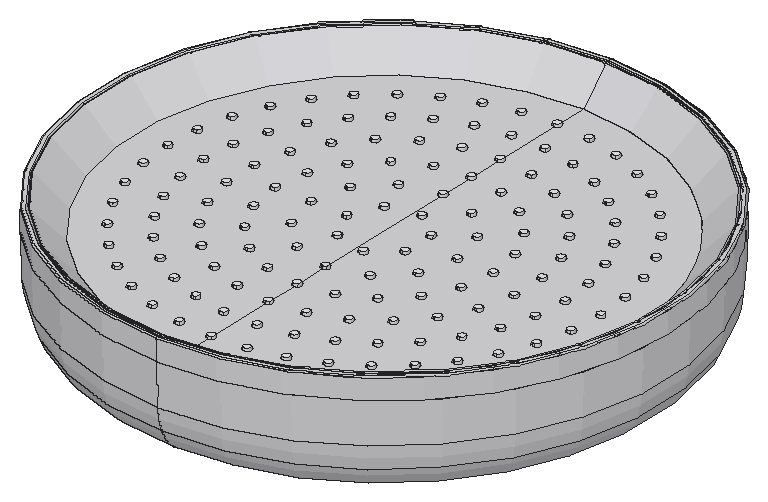
Revit family "Shower-Rainhead-KOHLER-K-26291T_1", category Plumbing Fixtures, host Face, Revit 2017 (continued)
Definition of nested family "K-26291T"
  Lines and regions (in)
    symbolic lines, detail levels medium+fine
      curve 233: arc (0.64923, 4.54574, 0) -> (0.77462, 4.5401, 0) -> (0.76899, 4.41471, 0) r 0.08875
      curve 234: arc (1.35235, 4.38821, 0) -> (1.47532, 4.36303, 0) -> (1.45014, 4.24006, 0) r 0.08875
      curve 235: arc (1.45014, 4.24006, 0) -> (1.32717, 4.26524, 0) -> (1.35235, 4.38821, 0) r 0.08875
      curve 236: arc (2.02217, 4.12263, 0) -> (2.13968, 4.07852, 0) -> (2.09558, 3.96101, 0) r 0.08875
      curve 237: arc (2.09558, 3.96101, 0) -> (1.97806, 4.00511, 0) -> (2.02217, 4.12263, 0) r 0.08875
      curve 238: arc (2.64219, 3.75553, 0) -> (2.75136, 3.69359, 0) -> (2.68942, 3.58442, 0) r 0.08875
      curve 239: arc (2.68942, 3.58442, 0) -> (2.58025, 3.64637, 0) -> (2.64219, 3.75553, 0) r 0.08875
      curve 240: arc (3.19716, 3.29597, 0) -> (3.29529, 3.21771, 0) -> (3.21703, 3.11958, 0) r 0.08875
      curve 241: arc (3.21703, 3.11958, 0) -> (3.1189, 3.19783, 0) -> (3.19716, 3.29597, 0) r 0.08875
      curve 242: arc (3.6734, 2.75524, 0) -> (3.75808, 2.6626, 0) -> (3.66543, 2.57791, 0) r 0.08875
      curve 243: arc (3.66543, 2.57791, 0) -> (3.58075, 2.67056, 0) -> (3.6734, 2.75524, 0) r 0.08875
      curve 244: arc (4.05919, 2.14667, 0) -> (4.12833, 2.04192, 0) -> (4.02358, 1.97278, 0) r 0.08875
      curve 245: arc (4.02358, 1.97278, 0) -> (3.95443, 2.07753, 0) -> (4.05919, 2.14667, 0) r 0.08875
      curve 246: arc (4.34503, 1.48525, 0) -> (4.39693, 1.37097, 0) -> (4.28265, 1.31906, 0) r 0.08875
      curve 247: arc (4.28265, 1.31906, 0) -> (4.23075, 1.43334, 0) -> (4.34503, 1.48525, 0) r 0.08875
      curve 248: arc (4.43627, 0.63287, 0) -> (4.40288, 0.75386, 0) -> (4.52388, 0.78725, 0) r 0.08875
      curve 249: arc (4.52388, 0.78725, 0) -> (4.55727, 0.66626, 0) -> (4.43627, 0.63287, 0) r 0.08875
      curve 250: arc (4.48066, -0.06891, 0) -> (4.46661, 0.05582, 0) -> (4.59133, 0.06987, 0) r 0.08875
      curve 251: arc (4.59133, 0.06987, 0) -> (4.60539, -0.05486, 0) -> (4.48066, -0.06891, 0) r 0.08875
      curve 252: arc (3.06025, -0.44283, 0) -> (3.08927, -0.32071, 0) -> (2.96715, -0.29169, 0) r 0.08875
      curve 253: arc (2.96715, -0.29169, 0) -> (2.93813, -0.41381, 0) -> (3.06025, -0.44283, 0) r 0.08875
      curve 254: arc (2.86535, -1.16232, 0) -> (2.92275, -1.0507, 0) -> (2.81113, -0.9933, 0) r 0.08875
      curve 255: arc (2.81113, -0.9933, 0) -> (2.75373, -1.10492, 0) -> (2.86535, -1.16232, 0) r 0.08875
      curve 256: arc (2.50419, -1.81391, 0) -> (2.58662, -1.71925, 0) -> (2.49196, -1.63682, 0) r 0.08875
      curve 257: arc (2.49196, -1.63682, 0) -> (2.40953, -1.73148, 0) -> (2.50419, -1.81391, 0) r 0.08875
      curve 258: arc (2.02784, -2.18563, 0) -> (1.92515, -2.2578, 0) -> (1.99732, -2.36049, 0) r 0.08875
      curve 259: arc (1.99732, -2.36049, 0) -> (2.10001, -2.28831, 0) -> (2.02784, -2.18563, 0) r 0.08875
      curve 260: arc (1.37478, -2.76969, 0) -> (1.49175, -2.72417, 0) -> (1.44623, -2.6072, 0) r 0.08875
      curve 261: arc (1.44623, -2.6072, 0) -> (1.32926, -2.65272, 0) -> (1.37478, -2.76969, 0) r 0.08875
      curve 262: arc (0.672, -3.01822, 0) -> (0.79647, -3.00201, 0) -> (0.78026, -2.87754, 0) r 0.08875
      curve 263: arc (0.78026, -2.87754, 0) -> (0.6558, -2.89375, 0) -> (0.672, -3.01822, 0) r 0.08875
      curve 264: arc (3.76309, -0.77452, 0) -> (3.79982, -0.6545, 0) -> (3.6798, -0.61777, 0) r 0.08875
      curve 265: arc (3.6798, -0.61777, 0) -> (3.64307, -0.73779, 0) -> (3.76309, -0.77452, 0) r 0.08875
      curve 266: arc (3.5567, -1.4528, 0) -> (3.61486, -1.34157, 0) -> (3.50363, -1.28341, 0) r 0.08875
      curve 267: arc (3.50363, -1.28341, 0) -> (3.44547, -1.39464, 0) -> (3.5567, -1.4528, 0) r 0.08875
      curve 268: arc (3.22919, -2.0816, 0) -> (3.30679, -1.98296, 0) -> (3.20815, -1.90535, 0) r 0.08875
      curve 269: arc (3.20815, -1.90535, 0) -> (3.13054, -2.004, 0) -> (3.22919, -2.0816, 0) r 0.08875
      curve 270: arc (2.79138, -2.63988, 0) -> (2.8858, -2.55718, 0) -> (2.8031, -2.46276, 0) r 0.08875
      curve 271: arc (2.8031, -2.46276, 0) -> (2.70868, -2.54545, 0) -> (2.79138, -2.63988, 0) r 0.08875
      curve 272: arc (2.25877, -3.10784, 0) -> (2.36678, -3.0439, 0) -> (2.30285, -2.93589, 0) r 0.08875
      curve 273: arc (2.30285, -2.93589, 0) -> (2.19483, -2.99983, 0) -> (2.25877, -3.10784, 0) r 0.08875
      curve 274: arc (1.64925, -3.46997, 0) -> (1.76717, -3.42697, 0) -> (1.72417, -3.30905, 0) r 0.08875
      curve 275: arc (1.72417, -3.30905, 0) -> (1.60625, -3.35205, 0) -> (1.64925, -3.46997, 0) r 0.08875
      curve 276: arc (0.98356, -3.71394, 0) -> (1.10737, -3.69334, 0) -> (1.08677, -3.56952, 0) r 0.08875
      curve 277: arc (1.08677, -3.56952, 0) -> (0.96296, -3.59012, 0) -> (0.98356, -3.71394, 0) r 0.08875
      curve 278: arc (0.28438, -3.83143, 0) -> (0.40987, -3.83393, 0) -> (0.41237, -3.70844, 0) r 0.08875
      curve 279: arc (0.41237, -3.70844, 0) -> (0.28688, -3.70594, 0) -> (0.28438, -3.83143, 0) r 0.08875
      curve 280: arc (0.76899, -4.41471, 0) -> (0.6436, -4.42035, 0) -> (0.64923, -4.54574, 0) r 0.08875
      curve 281: arc (0.64923, -4.54574, 0) -> (0.77462, -4.5401, 0) -> (0.76899, -4.41471, 0) r 0.08875
      curve 282: arc (1.35235, -4.38821, 0) -> (1.47532, -4.36303, 0) -> (1.45014, -4.24006, 0) r 0.08875
      curve 283: arc (1.45014, -4.24006, 0) -> (1.32717, -4.26524, 0) -> (1.35235, -4.38821, 0) r 0.08875
      curve 284: arc (2.02217, -4.12263, 0) -> (2.13968, -4.07852, 0) -> (2.09558, -3.96101, 0) r 0.08875
      curve 285: arc (2.09558, -3.96101, 0) -> (1.97806, -4.00511, 0) -> (2.02217, -4.12263, 0) r 0.08875
      curve 286: arc (2.64219, -3.75553, 0) -> (2.75136, -3.69359, 0) -> (2.68942, -3.58442, 0) r 0.08875
      curve 287: arc (2.68942, -3.58442, 0) -> (2.58025, -3.64637, 0) -> (2.64219, -3.75553, 0) r 0.08875
      curve 288: arc (3.19716, -3.29597, 0) -> (3.29529, -3.21771, 0) -> (3.21703, -3.11958, 0) r 0.08875
      curve 289: arc (3.21703, -3.11958, 0) -> (3.1189, -3.19783, 0) -> (3.19716, -3.29597, 0) r 0.08875
      curve 290: arc (3.6734, -2.75524, 0) -> (3.75808, -2.6626, 0) -> (3.66543, -2.57791, 0) r 0.08875
      curve 291: arc (3.66543, -2.57791, 0) -> (3.58075, -2.67056, 0) -> (3.6734, -2.75524, 0) r 0.08875
      curve 292: arc (4.05919, -2.14667, 0) -> (4.12833, -2.04192, 0) -> (4.02358, -1.97278, 0) r 0.08875
      curve 293: arc (4.02358, -1.97278, 0) -> (3.95443, -2.07753, 0) -> (4.05919, -2.14667, 0) r 0.08875
      curve 294: arc (4.34503, -1.48525, 0) -> (4.39693, -1.37097, 0) -> (4.28265, -1.31906, 0) r 0.08875
      curve 295: arc (4.28265, -1.31906, 0) -> (4.23075, -1.43334, 0) -> (4.34503, -1.48525, 0) r 0.08875
      curve 296: arc (4.43627, -0.63287, 0) -> (4.40288, -0.75386, 0) -> (4.52388, -0.78725, 0) r 0.08875
      curve 297: arc (4.52388, -0.78725, 0) -> (4.55727, -0.66626, 0) -> (4.43627, -0.63287, 0) r 0.08875
      curve 298: arc (-3.06025, -0.44283, 0) -> (-3.08927, -0.32071, 0) -> (-2.96715, -0.29169, 0) r 0.08875
      curve 299: arc (-2.96715, -0.29169, 0) -> (-2.93813, -0.41381, 0) -> (-3.06025, -0.44283, 0) r 0.08875
      curve 300: arc (-2.86535, -1.16232, 0) -> (-2.92275, -1.0507, 0) -> (-2.81113, -0.9933, 0) r 0.08875
      curve 301: arc (-2.81113, -0.9933, 0) -> (-2.75373, -1.10492, 0) -> (-2.86535, -1.16232, 0) r 0.08875
      curve 302: arc (-2.50419, -1.81391, 0) -> (-2.58662, -1.71925, 0) -> (-2.49196, -1.63682, 0) r 0.08875
      curve 303: arc (-2.49196, -1.63682, 0) -> (-2.40953, -1.73148, 0) -> (-2.50419, -1.81391, 0) r 0.08875
      curve 304: arc (-2.02784, -2.18563, 0) -> (-1.92515, -2.2578, 0) -> (-1.99732, -2.36049, 0) r 0.08875
      curve 305: arc (-1.99732, -2.36049, 0) -> (-2.10001, -2.28831, 0) -> (-2.02784, -2.18563, 0) r 0.08875
      curve 306: arc (-1.37478, -2.76969, 0) -> (-1.49175, -2.72417, 0) -> (-1.44623, -2.6072, 0) r 0.08875
      curve 307: arc (-1.44623, -2.6072, 0) -> (-1.32926, -2.65272, 0) -> (-1.37478, -2.76969, 0) r 0.08875
      curve 308: arc (-0.672, -3.01822, 0) -> (-0.79647, -3.00201, 0) -> (-0.78026, -2.87754, 0) r 0.08875
      curve 309: arc (-0.78026, -2.87754, 0) -> (-0.6558, -2.89375, 0) -> (-0.672, -3.01822, 0) r 0.08875
      curve 310: arc (-3.76309, -0.77452, 0) -> (-3.79982, -0.6545, 0) -> (-3.6798, -0.61777, 0) r 0.08875
      curve 311: arc (-3.6798, -0.61777, 0) -> (-3.64307, -0.73779, 0) -> (-3.76309, -0.77452, 0) r 0.08875
      curve 312: arc (-3.5567, -1.4528, 0) -> (-3.61486, -1.34157, 0) -> (-3.50363, -1.28341, 0) r 0.08875
      curve 313: arc (-3.50363, -1.28341, 0) -> (-3.44547, -1.39464, 0) -> (-3.5567, -1.4528, 0) r 0.08875
      curve 314: arc (-3.22919, -2.0816, 0) -> (-3.30679, -1.98296, 0) -> (-3.20815, -1.90535, 0) r 0.08875
      curve 315: arc (-3.20815, -1.90535, 0) -> (-3.13054, -2.004, 0) -> (-3.22919, -2.0816, 0) r 0.08875
      curve 316: arc (-2.79138, -2.63988, 0) -> (-2.8858, -2.55718, 0) -> (-2.8031, -2.46276, 0) r 0.08875
      curve 317: arc (-2.8031, -2.46276, 0) -> (-2.70868, -2.54545, 0) -> (-2.79138, -2.63988, 0) r 0.08875
      curve 318: arc (-2.25877, -3.10784, 0) -> (-2.36678, -3.0439, 0) -> (-2.30285, -2.93589, 0) r 0.08875
      curve 319: arc (-2.30285, -2.93589, 0) -> (-2.19483, -2.99983, 0) -> (-2.25877, -3.10784, 0) r 0.08875
      curve 320: arc (-1.64925, -3.46997, 0) -> (-1.76717, -3.42697, 0) -> (-1.72417, -3.30905, 0) r 0.08875
      curve 321: arc (-1.72417, -3.30905, 0) -> (-1.60625, -3.35205, 0) -> (-1.64925, -3.46997, 0) r 0.08875
      curve 322: arc (-0.98356, -3.71394, 0) -> (-1.10737, -3.69334, 0) -> (-1.08677, -3.56952, 0) r 0.08875
      curve 323: arc (-1.08677, -3.56952, 0) -> (-0.96296, -3.59012, 0) -> (-0.98356, -3.71394, 0) r 0.08875
      curve 324: arc (-0.28438, -3.83143, 0) -> (-0.40987, -3.83393, 0) -> (-0.41237, -3.70844, 0) r 0.08875
      curve 325: arc (-0.41237, -3.70844, 0) -> (-0.28688, -3.70594, 0) -> (-0.28438, -3.83143, 0) r 0.08875
      curve 326: arc (-0.76899, -4.41471, 0) -> (-0.6436, -4.42035, 0) -> (-0.64923, -4.54574, 0) r 0.08875
      curve 327: arc (-0.64923, -4.54574, 0) -> (-0.77462, -4.5401, 0) -> (-0.76899, -4.41471, 0) r 0.08875
      curve 328: arc (-1.35235, -4.38821, 0) -> (-1.47532, -4.36303, 0) -> (-1.45014, -4.24006, 0) r 0.08875
      curve 329: arc (-1.45014, -4.24006, 0) -> (-1.32717, -4.26524, 0) -> (-1.35235, -4.38821, 0) r 0.08875
      curve 330: arc (-2.02217, -4.12263, 0) -> (-2.13968, -4.07852, 0) -> (-2.09558, -3.96101, 0) r 0.08875
      curve 331: arc (-2.09558, -3.96101, 0) -> (-1.97806, -4.00511, 0) -> (-2.02217, -4.12263, 0) r 0.08875
      curve 332: arc (-2.64219, -3.75553, 0) -> (-2.75136, -3.69359, 0) -> (-2.68942, -3.58442, 0) r 0.08875
      curve 333: arc (-2.68942, -3.58442, 0) -> (-2.58025, -3.64637, 0) -> (-2.64219, -3.75553, 0) r 0.08875
      curve 334: arc (-3.19716, -3.29597, 0) -> (-3.29529, -3.21771, 0) -> (-3.21703, -3.11958, 0) r 0.08875
      curve 335: arc (-3.21703, -3.11958, 0) -> (-3.1189, -3.19783, 0) -> (-3.19716, -3.29597, 0) r 0.08875
      curve 336: arc (-3.6734, -2.75524, 0) -> (-3.75808, -2.6626, 0) -> (-3.66543, -2.57791, 0) r 0.08875
      curve 337: arc (-3.66543, -2.57791, 0) -> (-3.58075, -2.67056, 0) -> (-3.6734, -2.75524, 0) r 0.08875
      curve 338: arc (-4.05919, -2.14667, 0) -> (-4.12833, -2.04192, 0) -> (-4.02358, -1.97278, 0) r 0.08875
      curve 339: arc (-4.02358, -1.97278, 0) -> (-3.95443, -2.07753, 0) -> (-4.05919, -2.14667, 0) r 0.08875
      curve 340: arc (-4.34503, -1.48525, 0) -> (-4.39693, -1.37097, 0) -> (-4.28265, -1.31906, 0) r 0.08875
      curve 341: arc (-4.28265, -1.31906, 0) -> (-4.23075, -1.43334, 0) -> (-4.34503, -1.48525, 0) r 0.08875
      curve 342: arc (-4.43627, -0.63287, 0) -> (-4.40288, -0.75386, 0) -> (-4.52388, -0.78725, 0) r 0.08875
      curve 343: arc (-4.52388, -0.78725, 0) -> (-4.55727, -0.66626, 0) -> (-4.43627, -0.63287, 0) r 0.08875
      curve 344: arc (0.06983, -3.09133, 0) -> (-0.0549, -3.10539, 0) -> (-0.06895, -2.98066, 0) r 0.08875
      curve 345: arc (-0.06895, -2.98066, 0) -> (0.05578, -2.96661, 0) -> (0.06983, -3.09133, 0) r 0.08875
      curve 346: arc (-0.06891, -4.48066, 0) -> (0.05582, -4.46661, 0) -> (0.06987, -4.59133, 0) r 0.08875
      curve 347: arc (0.06987, -4.59133, 0) -> (-0.05486, -4.60539, 0) -> (-0.06891, -4.48066, 0) r 0.08875
  Dimensions and locks (in)
    plane 4 to plane 5 = 11.93"
    plane 6 to level = 3.97"
    plane 6 to plane 7 = 2.78"
    aligned and locked: plane 2 to level
Types (7): name | Type | Model | Finish
  (no name) | 1 | "K-26291T-CP" | Kohler-Metal-CP-Polished_Chrome
  2.5 GPM, CP-Polished Chrome | 1 | "K-26291T-CP" | Kohler-Metal-CP-Polished_Chrome
  2.5 GPM, BN-Vibrant Brushed Nickel | 4 | "K-26291T-BN" | Kohler-Metal-BN-Vibrant_Brushed_Nickel
  2.5 GPM, BL-Matte Black | 3 | "K-26291T-BL" | Kohler-Metal-BL-Matte_Black
  2.5 GPM, RGD-Rose Gold | 6 | "K-26291T-RGD" | Kohler-Metal-RGD-Rose_Gold
  2.5 GPM, AF-Flange Gold | 2 | "K-26291T-AF" | Kohler-Metal-AF-Flange_Gold
  2.5 GPM, 2MB-Vibrant Brushed Moderne Brass | 5 | "K-26291T-2MB" | Kohler-Metal-2MB-Vibrant_Brushed_Moderne_Brass
